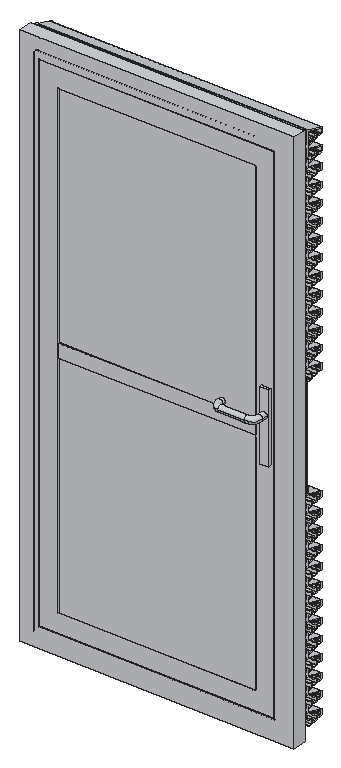
Revit family "NLRS_31_DO_WB_HS50R enkele deur-AV_jazo_jazo", category Doors, host Wall, Revit 2020 (continued)
Definition of nested family "NLRS_31_GM_UN_HS50R start schoep-AV"
  Automatic sketch dimensions
    Extrusion 1 sketch curve to Extrusion 1 sketch curve = 0.687 mm
    Extrusion 1 sketch curve to Extrusion 1 sketch curve = 0.02 mm
    Extrusion 1 sketch curve to Extrusion 1 sketch curve = 1.412 mm
    Extrusion 1 sketch curve to Extrusion 1 sketch curve = 0.966 mm
    Extrusion 1 sketch curve to Extrusion 1 sketch curve = 1.805 mm
    Extrusion 1 sketch curve to Extrusion 1 sketch curve = 0.898 mm
    Extrusion 1 sketch curve to Extrusion 1 sketch curve = 3.198 mm
    Extrusion 1 sketch curve to Extrusion 1 sketch curve = 1.8 mm  (x2)
    Extrusion 1 sketch curve to Extrusion 1 sketch curve = 0.445 mm
    Extrusion 1 sketch curve to plane 8 "Top" = 0.728 mm
    Extrusion 1 sketch curve to plane 8 "Top" = 0.619 mm
    Extrusion 1 sketch curve to Extrusion 1 sketch curve = 0.562 mm
    Extrusion 1 sketch curve to plane 8 "Top" = 18.998 mm
    Extrusion 1 sketch curve to Extrusion 1 sketch curve = 0.385 mm  (x2)
    Extrusion 1 sketch curve to Extrusion 1 sketch curve = 13.399 mm
    Extrusion 1 sketch curve to Extrusion 1 sketch curve = 1.458 mm  (x3)
    Extrusion 1 sketch curve to Extrusion 1 sketch curve = 0.574 mm  (x2)
    Extrusion 1 sketch curve to Extrusion 1 sketch curve = 0.242 mm  (x2)
    Extrusion 1 sketch curve to Extrusion 1 sketch curve = 2.676 mm  (x2)
    Extrusion 1 sketch curve to Extrusion 1 sketch curve = 1.151 mm  (x5)
    Extrusion 1 sketch curve to Extrusion 1 sketch curve = 1.602 mm
    Extrusion 1 sketch curve to Extrusion 1 sketch curve = 0.384 mm  (x4)
    Extrusion 1 sketch curve to Extrusion 1 sketch curve = 3.727 mm
    Extrusion 1 sketch curve to Extrusion 1 sketch curve = 1.968 mm  (x3)
    Extrusion 1 sketch curve to Extrusion 1 sketch curve = 0.091 mm  (x3)
    Extrusion 1 sketch curve to Extrusion 1 sketch curve = 1.014 mm  (x3)
    Extrusion 1 sketch curve to Extrusion 1 sketch curve = 0.52 mm  (x3)
    Extrusion 1 sketch curve to Extrusion 1 sketch curve = 0.292 mm
    Extrusion 1 sketch curve to Extrusion 1 sketch curve = 7.773 mm  (x2)
    Extrusion 1 sketch curve to Extrusion 1 sketch curve = 3.248 mm
    Extrusion 1 sketch curve to Extrusion 1 sketch curve = 1.76 mm
    Extrusion 1 sketch curve to Extrusion 1 sketch curve = 0.49 mm
    Extrusion 1 sketch curve to Extrusion 1 sketch curve = 6.368 mm
    Extrusion 1 sketch curve to Extrusion 1 sketch curve = 7.648 mm
    Extrusion 1 sketch curve to Extrusion 1 sketch curve = 0.432 mm  (x2)
    Extrusion 1 sketch curve to Extrusion 1 sketch curve = 3.655 mm
    Extrusion 1 sketch curve to Extrusion 1 sketch curve = 1.96 mm
    Extrusion 1 sketch curve to Extrusion 1 sketch curve = 0.083 mm
    Extrusion 1 sketch curve to Extrusion 1 sketch curve = 0.551 mm
    Extrusion 1 sketch curve to Extrusion 1 sketch curve = 3.2 mm
    Extrusion 1 sketch curve to Extrusion 1 sketch curve = 5.653 mm
    Extrusion 1 sketch curve to Extrusion 1 sketch curve = 1.554 mm
    Extrusion 1 sketch curve to Extrusion 1 sketch curve = 19.412 mm
    Extrusion 1 sketch curve to Extrusion 1 sketch curve = 21.809 mm
    Extrusion 1 sketch curve to Extrusion 1 sketch curve = 1.709 mm
    Extrusion 1 sketch curve to Extrusion 1 sketch curve = 0.552 mm
    Extrusion 1 sketch curve to Extrusion 1 sketch curve = 18.459 mm
    Extrusion 1 sketch curve to Extrusion 1 sketch curve = 1.128 mm
    Extrusion 1 sketch curve to Extrusion 1 sketch curve = 6.398 mm
    Extrusion 1 sketch curve to Extrusion 1 sketch curve = 3.722 mm
    Extrusion 1 sketch curve to Extrusion 1 sketch curve = 6.946 mm
    Extrusion 1 sketch curve to Extrusion 1 sketch curve = 0.603 mm
    Extrusion 1 sketch curve to Extrusion 1 sketch curve = 1.34 mm
    Extrusion 1 sketch curve to Extrusion 1 sketch curve = 1.853 mm
    Extrusion 1 sketch curve to Extrusion 1 sketch curve = 1.218 mm
    Extrusion 1 sketch curve to Extrusion 1 sketch curve = 0.261 mm
    level to Extrusion 1 sketch curve = 2.831 mm
    Extrusion 1 sketch curve to Extrusion 1 sketch curve = 0.001 mm
Definition of nested family "NLRS_31_GM_UN_HS50R scharnier schoep-AV"
  Parameters (values of type "HS50R scharnier schoep")
    URL = "www.jazo.com"
    NLRS_C_zichtbaar_01 = yes
    NLRS_C_stelruimte_01 = 4 mm  # constant formula
    NLRS_C_materiaal = none
    NLRS_C_breedte_01 = 40 mm  # constant formula
    NLRS_C_breedte [instance] = 1000 mm
    Model = ""
    Manufacturer = "JAZO Zevenaar bv"
    Description = "HS50R scharnier schoep"
    Default Elevation = 0 mm
    Assembly Code = "23.30.60.11.17.11"
  Reference planes
    plane 1 "Center (Front/Back)": y = 0
    plane 2 "Bottom": z = 0
    plane 3 "Center (Left/Right)": x = 0
    plane 4 "Left": x = -500
    plane 5 "Right": x = 500
    plane 6 "schoep l": x = -496
    plane 7 "schoep r": x = 496
    plane 8 "scharnier": x = -456
    plane 9 "Top": z = 73.972
    plane 10 "voorkant schoep": y = 35.75
    plane 11 "achterkant schoep": y = -35.75
    plane 12 "voorkant kozijn": y = -46.75
  Forms (mm)
    Extrusion 1, solid, material <- "NLRS_C_materiaal", visible <- "NLRS_C_zichtbaar_01"
      sketch origin (0, -13.25, 0) x (0, -1, 0) y (0, 0, -1)
        loop
          arc (-5.059, -2.209) -> (-5.593, -2.566) -> (-5.8, -3.175) r 1
          line (-5.8, -3.175) -> (-5.8, -18.692)
          arc (-5.8, -18.692) -> (-5.996, -19.089) -> (-6.429, -19.175) r 0.5
          line (-6.429, -19.175) -> (-11.46, -17.827)
          arc (-11.46, -17.827) -> (-12.563, -18.464) -> (-11.926, -19.566) r 0.9
          line (-11.926, -19.566) -> (3.071, -23.584)
          arc (3.071, -23.584) -> (4.173, -22.948) -> (3.537, -21.846) r 0.9
          line (3.537, -21.846) -> (-4, -19.826) -> (-4, -3.789) -> (3.537, -1.769)
          arc (3.537, -1.769) -> (4.173, -0.667) -> (3.071, -0.031) r 0.9
          line (3.071, -0.031) -> (-5.059, -2.209)
        loop
          arc (-26.659, -7.977) -> (-27.193, -8.334) -> (-27.4, -8.943) r 1
          line (-27.4, -8.943) -> (-27.4, -24.461)
          arc (-27.4, -24.461) -> (-27.596, -24.857) -> (-28.029, -24.944) r 0.5
          line (-28.029, -24.944) -> (-33.06, -23.596)
          arc (-33.06, -23.596) -> (-34.163, -24.232) -> (-33.526, -25.334) r 0.9
          line (-33.526, -25.334) -> (-18.529, -29.353)
          arc (-18.529, -29.353) -> (-17.427, -28.716) -> (-18.063, -27.614) r 0.9
          line (-18.063, -27.614) -> (-25.6, -25.595) -> (-25.6, -9.557) -> (-18.063, -7.538)
          arc (-18.063, -7.538) -> (-17.427, -6.435) -> (-18.529, -5.799) r 0.9
          line (-18.529, -5.799) -> (-26.659, -7.977)
        loop
          arc (-48.259, -13.784) -> (-48.793, -14.142) -> (-49, -14.75) r 1
          line (-49, -14.75) -> (-49, -33.216)
          arc (-49, -33.216) -> (-48.793, -33.824) -> (-48.259, -34.182) r 1
          line (-48.259, -34.182) -> (15.7, -51.319) -> (15.7, -71.278)
          arc (15.7, -71.278) -> (15.504, -71.674) -> (15.071, -71.761) r 0.5
          line (15.071, -71.761) -> (9.829, -70.356)
          arc (9.829, -70.356) -> (8.727, -70.993) -> (9.363, -72.095) r 0.9
          line (9.363, -72.095) -> (16.241, -73.938)
          arc (16.241, -73.938) -> (17.109, -73.765) -> (17.5, -72.972) r 1
          line (17.5, -72.972) -> (17.5, -61.968) -> (22.5, -61.968) -> (22.5, -56.968) -> (20.7, -56.968) -> (20.7, -60.168) -> (17.5, -60.168) -> (17.5, -48.664)
          arc (17.5, -48.664) -> (16.597, -47.969) -> (15.695, -48.664) r 0.933
          line (15.695, -48.664) -> (15.695, -49.454) -> (-47.2, -32.602) -> (-47.2, -24.883) -> (-45.2, -24.883)
          arc (-45.2, -24.883) -> (-44.3, -23.983) -> (-45.2, -23.083) r 0.9
          line (-45.2, -23.083) -> (-47.2, -23.083) -> (-47.2, -15.364) -> (-39.663, -13.345)
          arc (-39.663, -13.345) -> (-39.027, -12.242) -> (-40.129, -11.606) r 0.9
          line (-40.129, -11.606) -> (-48.259, -13.784)
      from -456 to 496
  Dimensions and locks
    equal spacing: plane 4 "Left", plane 3 "Center (Left/Right)", plane 5 "Right"
    "NLRS_C_breedte": plane 4 "Left" to plane 5 "Right"
    "NLRS_C_breedte_01": plane 6 "schoep l" to plane 8 "scharnier"
    "NLRS_C_stelruimte_01": plane 4 "Left" to plane 6 "schoep l"
    "NLRS_C_stelruimte_01": plane 7 "schoep r" to plane 5 "Right"
    locked: plane 11 "achterkant schoep" to plane 12 "voorkant kozijn" at 11
    aligned and locked: level to plane 2 "Bottom"
    aligned and locked: plane 7 "schoep r" to Extrusion 1
    aligned and locked: Extrusion 1 to plane 8 "scharnier"
  Automatic sketch dimensions
    Extrusion 1 sketch curve to plane 1 "Center (Front/Back)" = 35.75 mm
    Extrusion 1 sketch curve to Extrusion 1 sketch curve = 0.741 mm  (x4)
    Extrusion 1 sketch curve to Extrusion 1 sketch curve = 0.259 mm  (x2)
    Extrusion 1 sketch curve to Extrusion 1 sketch curve = 1 mm  (x3)
    Extrusion 1 sketch curve to Extrusion 1 sketch curve = 0.8 mm  (x2)
    Extrusion 1 sketch curve to Extrusion 1 sketch curve = 2 mm
    Extrusion 1 sketch curve to Extrusion 1 sketch curve = 7.071 mm  (x3)
    Extrusion 1 sketch curve to Extrusion 1 sketch curve = 0.233 mm  (x16)
    Extrusion 1 sketch curve to Extrusion 1 sketch curve = 11.674 mm
    Extrusion 1 sketch curve to Extrusion 1 sketch curve = 5.031 mm  (x2)
    Extrusion 1 sketch curve to Extrusion 1 sketch curve = 0.129 mm  (x3)
    Extrusion 1 sketch curve to Extrusion 1 sketch curve = 0.5 mm  (x3)
    Extrusion 1 sketch curve to Extrusion 1 sketch curve = 1.8 mm  (x5)
    Extrusion 1 sketch curve to plane 1 "Center (Front/Back)" = 5.279 mm  (x2)
    plane 1 "Center (Front/Back)" to Extrusion 1 sketch curve = 1.324 mm
    plane 1 "Center (Front/Back)" to Extrusion 1 sketch curve = 22.613 mm
    Extrusion 1 sketch curve to Extrusion 1 sketch curve = 5.241 mm
    Extrusion 1 sketch curve to Extrusion 1 sketch curve = 5.866 mm
    Extrusion 1 sketch curve to Extrusion 1 sketch curve = 1.171 mm
    Extrusion 1 sketch curve to Extrusion 1 sketch curve = 0.902 mm  (x2)
    Extrusion 1 sketch curve to Extrusion 1 sketch curve = 3.2 mm  (x2)
    Extrusion 1 sketch curve to Extrusion 1 sketch curve = 1.865 mm
    Extrusion 1 sketch curve to Extrusion 1 sketch curve = 5.649 mm
    Extrusion 1 sketch curve to Extrusion 1 sketch curve = 8.388 mm
    Extrusion 1 sketch curve to Extrusion 1 sketch curve = 0.869 mm  (x8)
    Extrusion 1 sketch curve to Extrusion 1 sketch curve = 0.921 mm
    Extrusion 1 sketch curve to Extrusion 1 sketch curve = 1.211 mm
    Extrusion 1 sketch curve to Extrusion 1 sketch curve = 0.553 mm
    Extrusion 1 sketch curve to Extrusion 1 sketch curve = 0.79 mm
    Extrusion 1 sketch curve to Extrusion 1 sketch curve = 2.019 mm  (x5)
    Extrusion 1 sketch curve to Extrusion 1 sketch curve = 0.26 mm  (x2)
    Extrusion 1 sketch curve to Extrusion 1 sketch curve = 0.651 mm  (x2)
    Extrusion 1 sketch curve to Extrusion 1 sketch curve = 7.719 mm  (x2)
    Extrusion 1 sketch curve to Extrusion 1 sketch curve = 0.9 mm
    Extrusion 1 sketch curve to Extrusion 1 sketch curve = 0.614 mm  (x4)
    Extrusion 1 sketch curve to Extrusion 1 sketch curve = 3.788 mm
    Extrusion 1 sketch curve to Extrusion 1 sketch curve = 3.749 mm
    level to Extrusion 1 sketch curve = 73.938 mm
    level to Extrusion 1 sketch curve = 34.182 mm
    Extrusion 1 sketch curve to Extrusion 1 sketch curve = 19.796 mm  (x2)
Definition of nested family "NLRS_31_GM_UN_HS50R schoep-AV"
  Parameters (values of type "HS50R schoep")
    URL = "www.jazo.com"
    NLRS_C_zichtbaar_01 = yes
    NLRS_C_stelruimte_01 = 4 mm  # constant formula
    NLRS_C_materiaal = none
    NLRS_C_breedte [instance] = 1000 mm
    Model = ""
    Manufacturer = "JAZO Zevenaar bv"
    Description = "HS50R schoep"
    Default Elevation = 0 mm
    Assembly Code = "23.30.60.11.17.11"
  Reference planes
    plane 1 "Center (Front/Back)": y = 0
    plane 2 "Bottom": z = 0
    plane 3 "Center (Left/Right)": x = 0
    plane 4 "Left": x = -500
    plane 5 "Right": x = 500
    plane 6 "schoep l": x = -496
    plane 7 "schoep r": x = 496
    plane 8 "Top": z = 73.938
    plane 9 "voorkant schoep": y = 35.75
    plane 10 "achterkant schoep": y = -35.75
    plane 11 "voorkant kozijn": y = -46.75
  Forms (mm)
    Extrusion 1, solid, material <- "NLRS_C_materiaal", visible <- "NLRS_C_zichtbaar_01"
      sketch origin (0, -15, 0) x (0, -1, 0) y (0, 0, -1)
        loop
          arc (-6.809, -2.209) -> (-7.343, -2.566) -> (-7.55, -3.175) r 1
          line (-7.55, -3.175) -> (-7.55, -18.692)
          arc (-7.55, -18.692) -> (-7.746, -19.089) -> (-8.179, -19.175) r 0.5
          line (-8.179, -19.175) -> (-13.21, -17.827)
          arc (-13.21, -17.827) -> (-14.313, -18.464) -> (-13.676, -19.566) r 0.9
          line (-13.676, -19.566) -> (1.321, -23.584)
          arc (1.321, -23.584) -> (2.423, -22.948) -> (1.787, -21.846) r 0.9
          line (1.787, -21.846) -> (-5.75, -19.826) -> (-5.75, -3.789) -> (1.787, -1.769)
          arc (1.787, -1.769) -> (2.423, -0.667) -> (1.321, -0.031) r 0.9
          line (1.321, -0.031) -> (-6.809, -2.209)
        loop
          arc (-28.409, -7.977) -> (-28.943, -8.334) -> (-29.15, -8.943) r 1
          line (-29.15, -8.943) -> (-29.15, -24.461)
          arc (-29.15, -24.461) -> (-29.346, -24.857) -> (-29.779, -24.944) r 0.5
          line (-29.779, -24.944) -> (-34.81, -23.596)
          arc (-34.81, -23.596) -> (-35.913, -24.232) -> (-35.276, -25.334) r 0.9
          line (-35.276, -25.334) -> (-20.279, -29.353)
          arc (-20.279, -29.353) -> (-19.177, -28.716) -> (-19.813, -27.614) r 0.9
          line (-19.813, -27.614) -> (-27.35, -25.595) -> (-27.35, -9.557) -> (-19.813, -7.538)
          arc (-19.813, -7.538) -> (-19.177, -6.435) -> (-20.279, -5.799) r 0.9
          line (-20.279, -5.799) -> (-28.409, -7.977)
        loop
          arc (-50.009, -13.784) -> (-50.543, -14.142) -> (-50.75, -14.75) r 1
          line (-50.75, -14.75) -> (-50.75, -33.216)
          arc (-50.75, -33.216) -> (-50.543, -33.824) -> (-50.009, -34.182) r 1
          line (-50.009, -34.182) -> (13.95, -51.319) -> (13.95, -71.278)
          arc (13.95, -71.278) -> (13.754, -71.674) -> (13.321, -71.761) r 0.5
          line (13.321, -71.761) -> (8.079, -70.356)
          arc (8.079, -70.356) -> (6.977, -70.993) -> (7.613, -72.095) r 0.9
          line (7.613, -72.095) -> (14.491, -73.938)
          arc (14.491, -73.938) -> (15.359, -73.765) -> (15.75, -72.972) r 1
          line (15.75, -72.972) -> (15.75, -61.968) -> (20.75, -61.968) -> (20.75, -56.968) -> (18.95, -56.968) -> (18.95, -60.168) -> (15.75, -60.168) -> (15.75, -48.664)
          arc (15.75, -48.664) -> (14.847, -47.969) -> (13.945, -48.664) r 0.933
          line (13.945, -48.664) -> (13.945, -49.454) -> (-48.95, -32.602) -> (-48.95, -24.883) -> (-46.95, -24.883)
          arc (-46.95, -24.883) -> (-46.05, -23.983) -> (-46.95, -23.083) r 0.9
          line (-46.95, -23.083) -> (-48.95, -23.083) -> (-48.95, -15.364) -> (-41.413, -13.345)
          arc (-41.413, -13.345) -> (-40.777, -12.242) -> (-41.879, -11.606) r 0.9
          line (-41.879, -11.606) -> (-50.009, -13.784)
      from -496 to 496
  Dimensions and locks
    equal spacing: plane 4 "Left", plane 3 "Center (Left/Right)", plane 5 "Right"
    "NLRS_C_breedte": plane 4 "Left" to plane 5 "Right"
    "NLRS_C_stelruimte_01": plane 7 "schoep r" to plane 5 "Right"
    "NLRS_C_stelruimte_01": plane 4 "Left" to plane 6 "schoep l"
    locked: plane 10 "achterkant schoep" to plane 11 "voorkant kozijn" at 11
    aligned and locked: level to plane 2 "Bottom"
    aligned and locked: plane 7 "schoep r" to Extrusion 1
    aligned and locked: Extrusion 1 to plane 6 "schoep l"
  Automatic sketch dimensions
    Extrusion 1 sketch curve to plane 8 "Top" = 0 mm
    Extrusion 1 sketch curve to plane 1 "Center (Front/Back)" = 35.75 mm
    Extrusion 1 sketch curve to Extrusion 1 sketch curve = 0.741 mm  (x4)
    level to Extrusion 1 sketch curve = 13.784 mm
    Extrusion 1 sketch curve to Extrusion 1 sketch curve = 1 mm  (x3)
    Extrusion 1 sketch curve to Extrusion 1 sketch curve = 0.8 mm  (x2)
    Extrusion 1 sketch curve to Extrusion 1 sketch curve = 2 mm
    level to Extrusion 1 sketch curve = 11.606 mm
    Extrusion 1 sketch curve to Extrusion 1 sketch curve = 7.071 mm  (x3)
    Extrusion 1 sketch curve to Extrusion 1 sketch curve = 0.233 mm  (x16)
    Extrusion 1 sketch curve to Extrusion 1 sketch curve = 11.674 mm
    Extrusion 1 sketch curve to Extrusion 1 sketch curve = 5.031 mm  (x2)
    Extrusion 1 sketch curve to Extrusion 1 sketch curve = 0.129 mm  (x3)
    Extrusion 1 sketch curve to Extrusion 1 sketch curve = 0.5 mm  (x3)
    level to Extrusion 1 sketch curve = 7.977 mm
    Extrusion 1 sketch curve to Extrusion 1 sketch curve = 1.8 mm  (x5)
    Extrusion 1 sketch curve to plane 1 "Center (Front/Back)" = 5.279 mm  (x2)
    plane 1 "Center (Front/Back)" to Extrusion 1 sketch curve = 1.324 mm
    level to Extrusion 1 sketch curve = 2.209 mm
    Extrusion 1 sketch curve to Extrusion 1 sketch curve = 0.259 mm  (x2)
    level to Extrusion 1 sketch curve = 0.031 mm
    level to Extrusion 1 sketch curve = 1.769 mm
    Extrusion 1 sketch curve to plane 8 "Top" = 1.843 mm
    plane 1 "Center (Front/Back)" to Extrusion 1 sketch curve = 22.613 mm
    Extrusion 1 sketch curve to plane 8 "Top" = 3.582 mm
    Extrusion 1 sketch curve to plane 8 "Top" = 2.177 mm
    Extrusion 1 sketch curve to Extrusion 1 sketch curve = 5.241 mm
    Extrusion 1 sketch curve to Extrusion 1 sketch curve = 5.866 mm
    Extrusion 1 sketch curve to Extrusion 1 sketch curve = 1.171 mm
    Extrusion 1 sketch curve to Extrusion 1 sketch curve = 0.902 mm  (x2)
    Extrusion 1 sketch curve to Extrusion 1 sketch curve = 3.2 mm  (x2)
    Extrusion 1 sketch curve to Extrusion 1 sketch curve = 9.31 mm
    Extrusion 1 sketch curve to Extrusion 1 sketch curve = 5.649 mm
    Extrusion 1 sketch curve to Extrusion 1 sketch curve = 1.865 mm
    Extrusion 1 sketch curve to Extrusion 1 sketch curve = 0.553 mm
    Extrusion 1 sketch curve to Extrusion 1 sketch curve = 0.79 mm
    Extrusion 1 sketch curve to Extrusion 1 sketch curve = 19.431 mm
    Extrusion 1 sketch curve to Extrusion 1 sketch curve = 0.614 mm  (x4)
    Extrusion 1 sketch curve to Extrusion 1 sketch curve = 20.41 mm
    Extrusion 1 sketch curve to Extrusion 1 sketch curve = 0.869 mm  (x5)
    Extrusion 1 sketch curve to Extrusion 1 sketch curve = 2.019 mm  (x2)
    Extrusion 1 sketch curve to Extrusion 1 sketch curve = 0.26 mm  (x2)
    Extrusion 1 sketch curve to Extrusion 1 sketch curve = 0.651 mm  (x2)
    Extrusion 1 sketch curve to Extrusion 1 sketch curve = 7.719 mm
    Extrusion 1 sketch curve to Extrusion 1 sketch curve = 0.9 mm
    Extrusion 1 sketch curve to Extrusion 1 sketch curve = 4.03 mm
    Extrusion 1 sketch curve to Extrusion 1 sketch curve = 1.739 mm
    level to Extrusion 1 sketch curve = 7.538 mm
Definition of nested family "NLRS_31_GM_UN_HS50R beslag schoep-AV"
  Parameters (values of type "HS50R beslag schoep")
    URL = "www.jazo.com"
    NLRS_C_zichtbaar_01 = yes
    NLRS_C_stelruimte_01 = 4 mm  # constant formula
    NLRS_C_materiaal = none
    NLRS_C_breedte_01 = 275 mm  # constant formula
    NLRS_C_breedte [instance] = 1000 mm
    Model = ""
    Manufacturer = "JAZO Zevenaar bv"
    Description = "HS50R beslag schoep"
    Default Elevation = 0 mm
    Assembly Code = "23.30.60.11.17.11"
  Reference planes
    plane 1 "Center (Front/Back)": y = 0
    plane 2 "Bottom": z = 0
    plane 3 "Center (Left/Right)": x = 0
    plane 4 "Left": x = -500
    plane 5 "Right": x = 500
    plane 6 "schoep l": x = -496
    plane 7 "schoep r": x = 496
    plane 8 "beslag": x = 221
    plane 9 "Top": z = 73.972
    plane 10 "voorkant schoep": y = 35.75
    plane 11 "achterkant schoep": y = -35.75
    plane 12 "voorkant kozijn": y = -46.75
  Forms (mm)
    Extrusion 1, solid, material <- "NLRS_C_materiaal", visible <- "NLRS_C_zichtbaar_01"
      sketch origin (0, -15, 0) x (0, -1, 0) y (0, 0, -1)
        loop
          arc (-6.809, -2.209) -> (-7.343, -2.566) -> (-7.55, -3.175) r 1
          line (-7.55, -3.175) -> (-7.55, -18.692)
          arc (-7.55, -18.692) -> (-7.746, -19.089) -> (-8.179, -19.175) r 0.5
          line (-8.179, -19.175) -> (-13.21, -17.827)
          arc (-13.21, -17.827) -> (-14.313, -18.464) -> (-13.676, -19.566) r 0.9
          line (-13.676, -19.566) -> (1.321, -23.584)
          arc (1.321, -23.584) -> (2.423, -22.948) -> (1.787, -21.846) r 0.9
          line (1.787, -21.846) -> (-5.75, -19.826) -> (-5.75, -3.789) -> (1.787, -1.769)
          arc (1.787, -1.769) -> (2.423, -0.667) -> (1.321, -0.031) r 0.9
          line (1.321, -0.031) -> (-6.809, -2.209)
        loop
          arc (-28.409, -7.977) -> (-28.943, -8.334) -> (-29.15, -8.943) r 1
          line (-29.15, -8.943) -> (-29.15, -24.461)
          arc (-29.15, -24.461) -> (-29.346, -24.857) -> (-29.779, -24.944) r 0.5
          line (-29.779, -24.944) -> (-34.81, -23.596)
          arc (-34.81, -23.596) -> (-35.913, -24.232) -> (-35.276, -25.334) r 0.9
          line (-35.276, -25.334) -> (-20.279, -29.353)
          arc (-20.279, -29.353) -> (-19.177, -28.716) -> (-19.813, -27.614) r 0.9
          line (-19.813, -27.614) -> (-27.35, -25.595) -> (-27.35, -9.557) -> (-19.813, -7.538)
          arc (-19.813, -7.538) -> (-19.177, -6.435) -> (-20.279, -5.799) r 0.9
          line (-20.279, -5.799) -> (-28.409, -7.977)
        loop
          arc (-50.009, -13.784) -> (-50.543, -14.142) -> (-50.75, -14.75) r 1
          line (-50.75, -14.75) -> (-50.75, -33.216)
          arc (-50.75, -33.216) -> (-50.543, -33.824) -> (-50.009, -34.182) r 1
          line (-50.009, -34.182) -> (13.95, -51.319) -> (13.95, -71.278)
          arc (13.95, -71.278) -> (13.754, -71.674) -> (13.321, -71.761) r 0.5
          line (13.321, -71.761) -> (8.079, -70.356)
          arc (8.079, -70.356) -> (6.977, -70.993) -> (7.613, -72.095) r 0.9
          line (7.613, -72.095) -> (14.491, -73.938)
          arc (14.491, -73.938) -> (15.359, -73.765) -> (15.75, -72.972) r 1
          line (15.75, -72.972) -> (15.75, -61.968) -> (20.75, -61.968) -> (20.75, -56.968) -> (18.95, -56.968) -> (18.95, -60.168) -> (15.75, -60.168) -> (15.75, -48.664)
          arc (15.75, -48.664) -> (14.847, -47.969) -> (13.945, -48.664) r 0.933
          line (13.945, -48.664) -> (13.945, -49.454) -> (-48.95, -32.602) -> (-48.95, -24.883) -> (-46.95, -24.883)
          arc (-46.95, -24.883) -> (-46.05, -23.983) -> (-46.95, -23.083) r 0.9
          line (-46.95, -23.083) -> (-48.95, -23.083) -> (-48.95, -15.364) -> (-41.413, -13.345)
          arc (-41.413, -13.345) -> (-40.777, -12.242) -> (-41.879, -11.606) r 0.9
          line (-41.879, -11.606) -> (-50.009, -13.784)
      from -496 to 221
  Dimensions and locks
    equal spacing: plane 4 "Left", plane 3 "Center (Left/Right)", plane 5 "Right"
    "NLRS_C_breedte": plane 4 "Left" to plane 5 "Right"
    "NLRS_C_breedte_01": plane 8 "beslag" to plane 7 "schoep r"
    "NLRS_C_stelruimte_01": plane 7 "schoep r" to plane 5 "Right"
    "NLRS_C_stelruimte_01": plane 4 "Left" to plane 6 "schoep l"
    locked: plane 11 "achterkant schoep" to plane 12 "voorkant kozijn" at 11
    aligned and locked: level to plane 2 "Bottom"
    aligned and locked: plane 8 "beslag" to Extrusion 1
    aligned and locked: Extrusion 1 to plane 6 "schoep l"
  Automatic sketch dimensions
    Extrusion 1 sketch curve to plane 1 "Center (Front/Back)" = 35.75 mm
    Extrusion 1 sketch curve to Extrusion 1 sketch curve = 0.741 mm  (x4)
    Extrusion 1 sketch curve to Extrusion 1 sketch curve = 0.259 mm  (x2)
    Extrusion 1 sketch curve to Extrusion 1 sketch curve = 0.8 mm  (x2)
    Extrusion 1 sketch curve to Extrusion 1 sketch curve = 2 mm
    Extrusion 1 sketch curve to Extrusion 1 sketch curve = 7.071 mm  (x5)
    Extrusion 1 sketch curve to Extrusion 1 sketch curve = 0.233 mm  (x16)
    Extrusion 1 sketch curve to Extrusion 1 sketch curve = 11.674 mm
    Extrusion 1 sketch curve to Extrusion 1 sketch curve = 5.031 mm  (x2)
    Extrusion 1 sketch curve to Extrusion 1 sketch curve = 0.129 mm  (x3)
    Extrusion 1 sketch curve to Extrusion 1 sketch curve = 0.5 mm  (x3)
    Extrusion 1 sketch curve to Extrusion 1 sketch curve = 1 mm  (x3)
    Extrusion 1 sketch curve to Extrusion 1 sketch curve = 1.8 mm  (x5)
    Extrusion 1 sketch curve to Extrusion 1 sketch curve = 6.137 mm
    Extrusion 1 sketch curve to Extrusion 1 sketch curve = 6.293 mm
    Extrusion 1 sketch curve to Extrusion 1 sketch curve = 5.241 mm
    Extrusion 1 sketch curve to Extrusion 1 sketch curve = 5.866 mm
    Extrusion 1 sketch curve to Extrusion 1 sketch curve = 1.171 mm
    Extrusion 1 sketch curve to Extrusion 1 sketch curve = 0.902 mm  (x2)
    Extrusion 1 sketch curve to Extrusion 1 sketch curve = 3.2 mm  (x2)
    Extrusion 1 sketch curve to Extrusion 1 sketch curve = 0.614 mm  (x4)
    Extrusion 1 sketch curve to Extrusion 1 sketch curve = 26.818 mm
    Extrusion 1 sketch curve to Extrusion 1 sketch curve = 0.001 mm
    Extrusion 1 sketch curve to Extrusion 1 sketch curve = 0.79 mm
    Extrusion 1 sketch curve to Extrusion 1 sketch curve = 1.865 mm
    Extrusion 1 sketch curve to Extrusion 1 sketch curve = 5.649 mm
    Extrusion 1 sketch curve to Extrusion 1 sketch curve = 8.388 mm
    Extrusion 1 sketch curve to Extrusion 1 sketch curve = 0.869 mm  (x4)
    Extrusion 1 sketch curve to Extrusion 1 sketch curve = 0.921 mm
    Extrusion 1 sketch curve to Extrusion 1 sketch curve = 1.211 mm
    Extrusion 1 sketch curve to Extrusion 1 sketch curve = 1.739 mm  (x3)
    Extrusion 1 sketch curve to Extrusion 1 sketch curve = 1.134 mm
    Extrusion 1 sketch curve to Extrusion 1 sketch curve = 7.719 mm  (x2)
    Extrusion 1 sketch curve to Extrusion 1 sketch curve = 0.9 mm
    Extrusion 1 sketch curve to Extrusion 1 sketch curve = 1.999 mm
    Extrusion 1 sketch curve to Extrusion 1 sketch curve = 0.651 mm
    level to Extrusion 1 sketch curve = 73.938 mm
    level to Extrusion 1 sketch curve = 34.182 mm
    Extrusion 1 sketch curve to Extrusion 1 sketch curve = 5.768 mm
    Extrusion 1 sketch curve to Extrusion 1 sketch curve = 2.019 mm  (x3)
    Extrusion 1 sketch curve to Extrusion 1 sketch curve = 0.391 mm
    level to Extrusion 1 sketch curve = 9.557 mm
    level to Extrusion 1 sketch curve = 7.538 mm
    level to Extrusion 1 sketch curve = 3.789 mm
    level to Extrusion 1 sketch curve = 1.769 mm
    level to Extrusion 1 sketch curve = 0.9 mm
Definition of nested family "NLRS_31_GM_UN_beslagbak HS50R-AV"
  Parameters (values of type "beslagbak HS50R")
    URL = "www.jazo.com"
    NLRS_C_diepte_01 = 50 mm
    NLRS_C_afstand = if(JAZO_C_enkele deur, 95 mm, if(JAZO_C_dubbele deur, 56 mm, 56 mm))  # 95 mm
    Model = ""
    Manufacturer = "JAZO Zevenaar bv"
    JAZO_C_opbouwrooster HS50R = yes
    JAZO_C_materiaal schoep = none
    JAZO_C_materiaal beslag = none
    JAZO_C_enkele deur = yes
    JAZO_C_dubbele deur = no
    Description = "beslagbak HS50R"
    Default Elevation = 0 mm
    Assembly Code = "23.30.40.31"
  Reference planes
    plane 1 "Center (Front/Back)": y = 0
    plane 2 "Bottom": z = 0
    plane 3 "Center (Left/Right)": x = 0
    plane 4 "Tussen": x = -179.999
    plane 5 "Right": x = 95
    plane 6 "Left": x = -240
    plane 7 "center hs50r": z = 310
    plane 8 "knop-kruk": x = 0
    plane 9 "stelruimte belsagbak": x = 99
    plane 10 "voorkant kozijn": y = -11
  Dimensions and locks
    plane 4 "Tussen" to plane 3 "Center (Left/Right)" = 179.999 mm
    plane 3 "Center (Left/Right)" to plane 5 "Right" = 95 mm
    plane 4 "Tussen" to plane 5 "Right" = 274.999 mm
    plane 6 "Left" to plane 4 "Tussen" = 60.001 mm
    "NLRS_C_afstand": plane 5 "Right" to plane 8 "knop-kruk"
    locked: plane 5 "Right" to plane 9 "stelruimte belsagbak" at 4
    locked: plane 10 "voorkant kozijn" to plane 1 "Center (Front/Back)" at 11
    aligned and locked: level to plane 2 "Bottom"
    aligned and locked: plane 1 "Center (Front/Back)" to nested 1
    aligned and locked: plane 7 "center hs50r" to nested 2
    aligned and locked: plane 8 "knop-kruk" to nested 2
  Nested families
    nested 1: "NLRS_31_GM_UN_beslagbak los HS50R-AV" at (0, 0, 0), visible <- "JAZO_C_opbouwrooster HS50R", type "beslagbak HS50R"
    nested 2: "NLRS_31_GM_UN_beslag opbouwrooster-AV" at (0, -11, 147), visible <- "JAZO_C_opbouwrooster HS50R", type "beslag opbouwrooster"
  Definition of nested family "NLRS_31_GM_UN_beslagbak los HS50R-AV"
    Parameters (values of type "beslagbak HS50R")
      URL = "www.jazo.com"
      NLRS_C_materiaal = none
      Model = ""
      Manufacturer = "Jazo Zevenaar bv"
      Description = "Beslagbak HS50R"
      Default Elevation = 0 mm
      Assembly Code = "23.30.40.31"
    Reference planes
      plane 1 "Center (Front/Back)": y = 0
      plane 2 "Bottom": z = 0
      plane 3 "Center (Left/Right)": x = 0
      plane 4 "Tussen": x = -180
      plane 5 "Right": x = 95
      plane 6 "Left": x = -240
      plane 7 "mid": x = -212
    Forms (mm)
      Extrusion 1, solid, material <- "NLRS_C_materiaal"
        sketch origin (0, 0, 67.049) x (0, 1, 0) y (0, 0, 1)
          loop
            line (1.8, 365.053) -> (1.8, -16.284) -> (69.7, -34.478) -> (69.7, -42.197) -> (67.7, -42.197)
            arc (67.7, -42.197) -> (66.8, -43.097) -> (67.7, -43.997) r 0.9
            line (67.7, -43.997) -> (69.7, -43.997) -> (69.7, -51.716) -> (62.163, -53.735)
            arc (62.163, -53.735) -> (61.527, -54.838) -> (62.629, -55.474) r 0.9
            line (62.629, -55.474) -> (70.759, -53.296)
            arc (70.759, -53.296) -> (71.293, -52.938) -> (71.5, -52.33) r 1
            line (71.5, -52.33) -> (71.5, -33.864)
            arc (71.5, -33.864) -> (71.293, -33.256) -> (70.759, -32.898) r 1
            line (70.759, -32.898) -> (4, -15.01) -> (4, 362.6) -> (12.671, 360.276)
            arc (12.671, 360.276) -> (13.773, 360.913) -> (13.137, 362.015) r 0.9
            line (13.137, 362.015) -> (1.8, 365.053)
          loop
            arc (27.559, -64.871) -> (28.093, -64.514) -> (28.3, -63.905) r 1
            line (28.3, -63.905) -> (28.3, -48.388)
            arc (28.3, -48.388) -> (28.496, -47.991) -> (28.929, -47.905) r 0.5
            line (28.929, -47.905) -> (33.96, -49.253)
            arc (33.96, -49.253) -> (35.063, -48.616) -> (34.426, -47.514) r 0.9
            line (34.426, -47.514) -> (19.429, -43.496)
            arc (19.429, -43.496) -> (18.327, -44.132) -> (18.963, -45.234) r 0.9
            line (18.963, -45.234) -> (26.5, -47.254) -> (26.5, -63.291) -> (18.963, -65.311)
            arc (18.963, -65.311) -> (18.327, -66.413) -> (19.429, -67.049) r 0.9
            line (19.429, -67.049) -> (27.559, -64.871)
          loop
            arc (49.159, -59.103) -> (49.693, -58.746) -> (49.9, -58.137) r 1
            line (49.9, -58.137) -> (49.9, -42.619)
            arc (49.9, -42.619) -> (50.096, -42.223) -> (50.529, -42.136) r 0.5
            line (50.529, -42.136) -> (55.56, -43.484)
            arc (55.56, -43.484) -> (56.663, -42.848) -> (56.026, -41.746) r 0.9
            line (56.026, -41.746) -> (41.029, -37.727)
            arc (41.029, -37.727) -> (39.927, -38.364) -> (40.563, -39.466) r 0.9
            line (40.563, -39.466) -> (48.1, -41.485) -> (48.1, -57.523) -> (40.563, -59.542)
            arc (40.563, -59.542) -> (39.927, -60.645) -> (41.029, -61.281) r 0.9
            line (41.029, -61.281) -> (49.159, -59.103)
        from 95 to -180
      Extrusion 2, solid, material <- "NLRS_C_materiaal"
        sketch origin (0, 1.8, 0) x (1, 0, 0) y (0, 1, 0)
          loop
            line (-240, 0) -> (-240, -9)
            arc (-240, -9) -> (-239.414, -10.414) -> (-238, -11) r 2
            line (-238, -11) -> (-212, -11)
            arc (-212, -11) -> (-210.586, -10.414) -> (-210, -9) r 2
            line (-210, -9) -> (-210, -2.014)
            arc (-210, -2.014) -> (-209.41, -0.59) -> (-207.986, 0) r 2.014
            line (-207.986, 0) -> (-180, 0) -> (-180, 2.2) -> (-207.786, 2.2)
            arc (-207.786, 2.2) -> (-210.766, 0.966) -> (-212, -2.014) r 4.214
            line (-212, -2.014) -> (-212, -9) -> (-238, -9) -> (-238, 0) -> (-240, 0)
        from 429.649 to 50.765
      Extrusion 3, solid, material <- "NLRS_C_materiaal"
        sketch origin (-333, -2, 67.049) x (0, 1, 0) y (0, 0, 1)
          loop
            line (71.2, 322.138) -> (9.332, 338.716)
            arc (9.332, 338.716) -> (7.701, 337.403) -> (6.5, 339.118) r 1.433
            line (6.5, 339.118) -> (6.5, 362.6) -> (3.8, 362.6) -> (3.8, -16.284) -> (6.5, -17.008) -> (6.5, 5.892)
            arc (6.5, 5.892) -> (7.087, 7.082) -> (8.388, 7.341) r 1.5
            line (8.388, 7.341) -> (15.266, 5.498)
            arc (15.266, 5.498) -> (15.894, 5.136) -> (16.256, 4.508) r 1.4
            line (16.256, 4.508) -> (16.256, -0.51) -> (28, -3.657) -> (28, 11.863) -> (20.834, 13.783)
            arc (20.834, 13.783) -> (19.844, 15.497) -> (21.559, 16.487) r 1.4
            line (21.559, 16.487) -> (36.556, 12.469)
            arc (36.556, 12.469) -> (37.546, 10.754) -> (35.831, 9.764) r 1.4
            line (35.831, 9.764) -> (30.8, 11.112) -> (30.8, 7.148) -> (49.6, 2.111) -> (49.6, 17.631) -> (42.434, 19.551)
            arc (42.434, 19.551) -> (41.444, 21.266) -> (43.159, 22.256) r 1.4
            line (43.159, 22.256) -> (58.156, 18.237)
            arc (58.156, 18.237) -> (59.146, 16.523) -> (57.431, 15.533) r 1.4
            line (57.431, 15.533) -> (52.4, 16.881) -> (52.4, 13.205) -> (71.2, 8.168) -> (71.2, 15.003) -> (69.7, 15.003)
            arc (69.7, 15.003) -> (68.3, 16.403) -> (69.7, 17.803) r 1.4
            line (69.7, 17.803) -> (71.2, 17.803) -> (71.2, 24.638) -> (9.332, 41.216)
            arc (9.332, 41.216) -> (7.701, 39.903) -> (6.5, 41.618) r 1.433
            line (6.5, 41.618) -> (6.5, 54.388) -> (6.5, 65.392)
            arc (6.5, 65.392) -> (7.087, 66.582) -> (8.388, 66.841) r 1.5
            line (8.388, 66.841) -> (15.266, 64.998)
            arc (15.266, 64.998) -> (15.894, 64.636) -> (16.256, 64.008) r 1.4
            line (16.256, 64.008) -> (16.256, 58.99) -> (28, 55.843) -> (28, 71.363) -> (20.834, 73.283)
            arc (20.834, 73.283) -> (19.844, 74.997) -> (21.559, 75.987) r 1.4
            line (21.559, 75.987) -> (36.556, 71.969)
            arc (36.556, 71.969) -> (37.546, 70.254) -> (35.831, 69.264) r 1.4
            line (35.831, 69.264) -> (30.8, 70.612) -> (30.8, 66.648) -> (49.6, 61.611) -> (49.6, 77.131) -> (42.434, 79.051)
            arc (42.434, 79.051) -> (41.444, 80.766) -> (43.159, 81.756) r 1.4
            line (43.159, 81.756) -> (58.156, 77.737)
            arc (58.156, 77.737) -> (59.146, 76.023) -> (57.431, 75.033) r 1.4
            line (57.431, 75.033) -> (52.4, 76.381) -> (52.4, 72.705) -> (71.2, 67.668) -> (71.2, 74.503) -> (69.7, 74.503)
            arc (69.7, 74.503) -> (68.3, 75.903) -> (69.7, 77.303) r 1.4
            line (69.7, 77.303) -> (71.2, 77.303) -> (71.2, 84.138) -> (9.332, 100.716)
            arc (9.332, 100.716) -> (7.701, 99.403) -> (6.5, 101.118) r 1.433
            line (6.5, 101.118) -> (6.5, 113.888) -> (6.5, 124.892)
            arc (6.5, 124.892) -> (7.087, 126.082) -> (8.388, 126.341) r 1.5
            line (8.388, 126.341) -> (15.266, 124.498)
            arc (15.266, 124.498) -> (15.894, 124.136) -> (16.256, 123.508) r 1.4
            line (16.256, 123.508) -> (16.256, 118.49) -> (28, 115.343) -> (28, 130.863) -> (20.834, 132.783)
            arc (20.834, 132.783) -> (19.844, 134.497) -> (21.559, 135.487) r 1.4
            line (21.559, 135.487) -> (36.556, 131.469)
            arc (36.556, 131.469) -> (37.546, 129.754) -> (35.831, 128.764) r 1.4
            line (35.831, 128.764) -> (30.8, 130.112) -> (30.8, 126.148) -> (49.6, 121.111) -> (49.6, 136.631) -> (42.434, 138.551)
            arc (42.434, 138.551) -> (41.444, 140.266) -> (43.159, 141.256) r 1.4
            line (43.159, 141.256) -> (58.156, 137.237)
            arc (58.156, 137.237) -> (59.146, 135.523) -> (57.431, 134.533) r 1.4
            line (57.431, 134.533) -> (52.4, 135.881) -> (52.4, 132.205) -> (71.2, 127.168) -> (71.2, 134.003) -> (69.7, 134.003)
            arc (69.7, 134.003) -> (68.3, 135.403) -> (69.7, 136.803) r 1.4
            line (69.7, 136.803) -> (71.2, 136.803) -> (71.2, 143.638) -> (9.332, 160.216)
            arc (9.332, 160.216) -> (7.701, 158.903) -> (6.5, 160.618) r 1.433
            line (6.5, 160.618) -> (6.5, 173.388) -> (6.5, 184.392)
            arc (6.5, 184.392) -> (7.087, 185.582) -> (8.388, 185.841) r 1.5
            line (8.388, 185.841) -> (15.266, 183.998)
            arc (15.266, 183.998) -> (15.894, 183.636) -> (16.256, 183.008) r 1.4
            line (16.256, 183.008) -> (16.256, 177.99) -> (28, 174.843) -> (28, 190.363) -> (20.834, 192.283)
            arc (20.834, 192.283) -> (19.844, 193.997) -> (21.559, 194.987) r 1.4
            line (21.559, 194.987) -> (36.556, 190.969)
            arc (36.556, 190.969) -> (37.546, 189.254) -> (35.831, 188.264) r 1.4
            line (35.831, 188.264) -> (30.8, 189.612) -> (30.8, 185.648) -> (49.6, 180.611) -> (49.6, 196.131) -> (42.434, 198.051)
            arc (42.434, 198.051) -> (41.444, 199.766) -> (43.159, 200.756) r 1.4
            line (43.159, 200.756) -> (58.156, 196.737)
            arc (58.156, 196.737) -> (59.146, 195.023) -> (57.431, 194.033) r 1.4
            line (57.431, 194.033) -> (52.4, 195.381) -> (52.4, 191.705) -> (71.2, 186.668) -> (71.2, 193.503) -> (69.7, 193.503)
            arc (69.7, 193.503) -> (68.3, 194.903) -> (69.7, 196.303) r 1.4
            line (69.7, 196.303) -> (71.2, 196.303) -> (71.2, 203.138) -> (9.332, 219.716)
            arc (9.332, 219.716) -> (7.701, 218.403) -> (6.5, 220.118) r 1.433
            line (6.5, 220.118) -> (6.5, 232.888) -> (6.5, 243.892)
            arc (6.5, 243.892) -> (7.087, 245.082) -> (8.388, 245.341) r 1.5
            line (8.388, 245.341) -> (15.266, 243.498)
            arc (15.266, 243.498) -> (15.894, 243.136) -> (16.256, 242.508) r 1.4
            line (16.256, 242.508) -> (16.256, 237.49) -> (28, 234.343) -> (28, 249.863) -> (20.834, 251.783)
            arc (20.834, 251.783) -> (19.844, 253.497) -> (21.559, 254.487) r 1.4
            line (21.559, 254.487) -> (36.556, 250.469)
            arc (36.556, 250.469) -> (37.546, 248.754) -> (35.831, 247.764) r 1.4
            line (35.831, 247.764) -> (30.8, 249.112) -> (30.8, 245.148) -> (49.6, 240.111) -> (49.6, 255.631) -> (42.434, 257.551)
            arc (42.434, 257.551) -> (41.444, 259.266) -> (43.159, 260.256) r 1.4
            line (43.159, 260.256) -> (58.156, 256.237)
            arc (58.156, 256.237) -> (59.146, 254.523) -> (57.431, 253.533) r 1.4
            line (57.431, 253.533) -> (52.4, 254.881) -> (52.4, 251.205) -> (71.2, 246.168) -> (71.2, 253.003) -> (69.7, 253.003)
            arc (69.7, 253.003) -> (68.3, 254.403) -> (69.7, 255.803) r 1.4
            line (69.7, 255.803) -> (71.2, 255.803) -> (71.2, 262.638) -> (9.332, 279.216)
            arc (9.332, 279.216) -> (7.701, 277.903) -> (6.5, 279.618) r 1.433
            line (6.5, 279.618) -> (6.5, 292.388) -> (6.5, 303.392)
            arc (6.5, 303.392) -> (7.087, 304.582) -> (8.388, 304.841) r 1.5
            line (8.388, 304.841) -> (15.266, 302.998)
            arc (15.266, 302.998) -> (15.894, 302.636) -> (16.256, 302.008) r 1.4
            line (16.256, 302.008) -> (16.256, 296.99) -> (28, 293.843) -> (28, 309.363) -> (20.834, 311.283)
            arc (20.834, 311.283) -> (19.844, 312.997) -> (21.559, 313.987) r 1.4
            line (21.559, 313.987) -> (36.556, 309.969)
            arc (36.556, 309.969) -> (37.546, 308.254) -> (35.831, 307.264) r 1.4
            line (35.831, 307.264) -> (30.8, 308.612) -> (30.8, 304.648) -> (49.6, 299.611) -> (49.6, 315.131) -> (42.434, 317.051)
            arc (42.434, 317.051) -> (41.444, 318.766) -> (43.159, 319.756) r 1.4
            line (43.159, 319.756) -> (58.156, 315.737)
            arc (58.156, 315.737) -> (59.146, 314.023) -> (57.431, 313.033) r 1.4
            line (57.431, 313.033) -> (52.4, 314.381) -> (52.4, 310.705) -> (71.2, 305.668) -> (71.2, 312.503) -> (69.7, 312.503)
            arc (69.7, 312.503) -> (68.3, 313.903) -> (69.7, 315.303) r 1.4
            line (69.7, 315.303) -> (71.2, 315.303) -> (71.2, 322.138)
        from 95 to 93
      Extrusion 4, void
        sketch origin (0, 0, 0) x (0, 1, 0) y (0, 0, 1)
          loop
            line (-0.5, 419.437) -> (-0.5, 413.437) -> (1.8, 413.437) -> (1.8, 416.637) -> (5, 416.637) -> (5, 419.437) -> (-0.5, 419.437)
        from -179.5 to -240
      Extrusion 5, void
        sketch origin (0, 0, -59.5) x (0, 1, 0) y (0, 0, 1)
          loop
            line (-0.5, 419.437) -> (-0.5, 413.437) -> (1.8, 413.437) -> (1.8, 416.637) -> (5, 416.637) -> (5, 419.437) -> (-0.5, 419.437)
        from -179.5 to -240
      Extrusion 6, void
        sketch origin (0, 0, -119) x (0, 1, 0) y (0, 0, 1)
          loop
            line (-0.5, 419.437) -> (-0.5, 413.437) -> (1.8, 413.437) -> (1.8, 416.637) -> (5, 416.637) -> (5, 419.437) -> (-0.5, 419.437)
        from -179.5 to -240
      Extrusion 7, void
        sketch origin (0, 0, -178.5) x (0, 1, 0) y (0, 0, 1)
          loop
            line (-0.5, 419.437) -> (-0.5, 413.437) -> (1.8, 413.437) -> (1.8, 416.637) -> (5, 416.637) -> (5, 419.437) -> (-0.5, 419.437)
        from -179.5 to -240
      Extrusion 8, void
        sketch origin (0, 0, -238) x (0, 1, 0) y (0, 0, 1)
          loop
            line (-0.5, 419.437) -> (-0.5, 413.437) -> (1.8, 413.437) -> (1.8, 416.637) -> (5, 416.637) -> (5, 419.437) -> (-0.5, 419.437)
        from -179.5 to -240
      Extrusion 9, void
        sketch origin (0, 0, -297.5) x (0, 1, 0) y (0, 0, 1)
          loop
            line (-0.5, 419.437) -> (-0.5, 413.437) -> (1.8, 413.437) -> (1.8, 416.637) -> (5, 416.637) -> (5, 419.437) -> (-0.5, 419.437)
        from -179.5 to -240
      Extrusion 10, void
        sketch origin (0, 0, -357) x (0, 1, 0) y (0, 0, 1)
          loop
            line (-0.5, 419.437) -> (-0.5, 413.437) -> (1.8, 413.437) -> (1.8, 416.637) -> (5, 416.637) -> (5, 419.437) -> (-0.5, 419.437)
        from -179.5 to -240
    Cuts and joins
      Extrusion 4, Extrusion 5, Extrusion 6, Extrusion 7, Extrusion 8, Extrusion 9, Extrusion 10 cuts Extrusion 1
      Extrusion 4, Extrusion 5, Extrusion 6, Extrusion 7, Extrusion 8, Extrusion 9, Extrusion 10 cuts Extrusion 2
      Extrusion 4, Extrusion 5, Extrusion 6, Extrusion 7, Extrusion 8, Extrusion 9, Extrusion 10 cuts Extrusion 3
      joined: Extrusion 1, Extrusion 2, Extrusion 3
    Dimensions and locks
      plane 4 "Tussen" to plane 3 "Center (Left/Right)" = 180 mm
      plane 3 "Center (Left/Right)" to plane 5 "Right" = 95 mm
      plane 4 "Tussen" to plane 5 "Right" = 275 mm
      plane 6 "Left" to plane 4 "Tussen" = 60 mm
      locked: plane 7 "mid" to plane 4 "Tussen" at 32
      equal spacing: group 1, group 2, group 3, group 4, group 5, group 6, group 7  (x2)
      equal spacing: group 7, group 6, group 5, group 4, group 3, group 2, group 1
      aligned and locked: level to plane 2 "Bottom"
      aligned and locked: Extrusion 1 to plane 5 "Right"
      aligned and locked: Extrusion 1 to plane 4 "Tussen"
    Automatic sketch dimensions
      Extrusion 1 sketch curve to plane 1 "Center (Front/Back)" = 71.5 mm
      Extrusion 1 sketch curve to Extrusion 1 sketch curve = 0.741 mm  (x4)
      Extrusion 1 sketch curve to Extrusion 1 sketch curve = 1 mm  (x3)
      Extrusion 1 sketch curve to Extrusion 1 sketch curve = 0.259 mm
      Extrusion 1 sketch curve to Extrusion 1 sketch curve = 0.8 mm
      Extrusion 1 sketch curve to Extrusion 1 sketch curve = 0 mm
      Extrusion 1 sketch curve to Extrusion 1 sketch curve = 2 mm
      Extrusion 1 sketch curve to Extrusion 1 sketch curve = 7.071 mm  (x5)
      Extrusion 1 sketch curve to Extrusion 1 sketch curve = 0.233 mm  (x16)
      Extrusion 1 sketch curve to Extrusion 1 sketch curve = 11.674 mm
      Extrusion 1 sketch curve to Extrusion 1 sketch curve = 5.031 mm  (x2)
      Extrusion 1 sketch curve to Extrusion 1 sketch curve = 0.129 mm  (x2)
      Extrusion 1 sketch curve to Extrusion 1 sketch curve = 12.496 mm  (x2)
      level to Extrusion 1 sketch curve = 7.947 mm
      Extrusion 1 sketch curve to Extrusion 1 sketch curve = 1.8 mm  (x2)
      level to Extrusion 1 sketch curve = 5.768 mm
      level to Extrusion 1 sketch curve = 7.507 mm
      Extrusion 1 sketch curve to Extrusion 1 sketch curve = 6.137 mm
      level to Extrusion 1 sketch curve = 17.797 mm
      level to Extrusion 1 sketch curve = 2.178 mm
      level to Extrusion 1 sketch curve = 0 mm
      level to Extrusion 1 sketch curve = 21.815 mm
      level to Extrusion 1 sketch curve = 1.739 mm
      Extrusion 1 sketch curve to Extrusion 1 sketch curve = 0.614 mm  (x4)
      Extrusion 1 sketch curve to Extrusion 1 sketch curve = 2.663 mm
      Extrusion 1 sketch curve to Extrusion 1 sketch curve = 0.869 mm  (x6)
      Extrusion 1 sketch curve to Extrusion 1 sketch curve = 2.178 mm
      Extrusion 1 sketch curve to Extrusion 1 sketch curve = 0.865 mm  (x2)
      Extrusion 1 sketch curve to Extrusion 1 sketch curve = 1.134 mm  (x2)
      Extrusion 1 sketch curve to Extrusion 1 sketch curve = 7.719 mm  (x2)
      Extrusion 1 sketch curve to Extrusion 1 sketch curve = 0.513 mm
      Extrusion 1 sketch curve to Extrusion 1 sketch curve = 0.9 mm
      Extrusion 1 sketch curve to Extrusion 1 sketch curve = 2.019 mm
      Extrusion 1 sketch curve to Extrusion 1 sketch curve = 16.614 mm
      Extrusion 1 sketch curve to Extrusion 1 sketch curve = 1.274 mm
      Extrusion 2 sketch curve to plane 6 "Left" = 0 mm
      Extrusion 2 sketch curve to plane 7 "mid" = 0 mm  (x2)
      Extrusion 2 sketch curve to plane 4 "Tussen" = 0 mm
      Extrusion 2 sketch curve to Extrusion 2 sketch curve = 2 mm  (x2)
      plane 1 "Center (Front/Back)" to Extrusion 2 sketch curve = 0.214 mm
      plane 7 "mid" to Extrusion 2 sketch curve = 2 mm
      Extrusion 2 sketch curve to plane 1 "Center (Front/Back)" = 1.8 mm  (x2)
      Extrusion 2 sketch curve to Extrusion 2 sketch curve = 0.2 mm
      plane 1 "Center (Front/Back)" to Extrusion 2 sketch curve = 7.2 mm
      Extrusion 2 sketch curve to Extrusion 2 sketch curve = 0 mm  (x2)
      Extrusion 1 sketch curve to plane 1 "Center (Front/Back)" = 1.8 mm
      Extrusion 1 sketch curve to Extrusion 1 sketch curve = 377.61 mm
      Extrusion 1 sketch curve to Extrusion 1 sketch curve = 8.904 mm
      Extrusion 1 sketch curve to Extrusion 1 sketch curve = 1.454 mm
      Extrusion 1 sketch curve to Extrusion 1 sketch curve = 2.453 mm
      Extrusion 1 sketch curve to Extrusion 1 sketch curve = 2.2 mm
      Extrusion 3 sketch curve to plane 1 "Center (Front/Back)" = 1.8 mm
      Extrusion 3 sketch curve to plane 1 "Center (Front/Back)" = 4.5 mm  (x6)
      Extrusion 3 sketch curve to Extrusion 3 sketch curve = 2.7 mm
      Extrusion 3 sketch curve to Extrusion 3 sketch curve = 1.402 mm  (x6)
      Extrusion 3 sketch curve to Extrusion 3 sketch curve = 1.5 mm  (x18)
      Extrusion 3 sketch curve to Extrusion 3 sketch curve = 0.388 mm  (x6)
      Extrusion 3 sketch curve to Extrusion 3 sketch curve = 1.429 mm  (x6)
      Extrusion 3 sketch curve to Extrusion 3 sketch curve = 6.904 mm  (x6)
      Extrusion 3 sketch curve to Extrusion 3 sketch curve = 0.362 mm  (x60)
      Extrusion 3 sketch curve to Extrusion 3 sketch curve = 1.352 mm  (x29)
      Extrusion 3 sketch curve to Extrusion 3 sketch curve = 0.99 mm
      Extrusion 3 sketch curve to Extrusion 3 sketch curve = 5.568 mm  (x6)
      Extrusion 3 sketch curve to Extrusion 3 sketch curve = 7.166 mm  (x7)
      Extrusion 3 sketch curve to Extrusion 3 sketch curve = 11.744 mm  (x3)
      Extrusion 3 sketch curve to Extrusion 3 sketch curve = 2.8 mm  (x12)
      Extrusion 3 sketch curve to Extrusion 3 sketch curve = 5.031 mm  (x12)
      Extrusion 3 sketch curve to Extrusion 3 sketch curve = 5.878 mm  (x6)
      Extrusion 3 sketch curve to Extrusion 3 sketch curve = 13.769 mm  (x2)
      Extrusion 3 sketch curve to Extrusion 3 sketch curve = 11.544 mm  (x6)
      level to Extrusion 3 sketch curve = 63.392 mm
      Extrusion 3 sketch curve to Extrusion 3 sketch curve = 3.147 mm
      Extrusion 3 sketch curve to Extrusion 3 sketch curve = 5.768 mm  (x6)
      Extrusion 3 sketch curve to Extrusion 3 sketch curve = 4.656 mm  (x6)
      Extrusion 3 sketch curve to Extrusion 3 sketch curve = 1.746 mm  (x6)
      Extrusion 3 sketch curve to Extrusion 3 sketch curve = 10.806 mm  (x6)
      Extrusion 3 sketch curve to Extrusion 3 sketch curve = 6.057 mm  (x6)
      Extrusion 3 sketch curve to Extrusion 3 sketch curve = 2.616 mm  (x6)
      Extrusion 3 sketch curve to Extrusion 3 sketch curve = 3.964 mm  (x6)
      Extrusion 3 sketch curve to Extrusion 3 sketch curve = 0.75 mm  (x12)
      Extrusion 3 sketch curve to Extrusion 3 sketch curve = 11.094 mm  (x6)
      Extrusion 3 sketch curve to Extrusion 3 sketch curve = 1.92 mm  (x12)
      Extrusion 3 sketch curve to Extrusion 3 sketch curve = 6.835 mm  (x12)
      Extrusion 3 sketch curve to Extrusion 3 sketch curve = 2.327 mm  (x6)
      Extrusion 3 sketch curve to Extrusion 3 sketch curve = 1.4 mm  (x6)
      Extrusion 3 sketch curve to Extrusion 3 sketch curve = 3.675 mm  (x6)
      Extrusion 3 sketch curve to Extrusion 3 sketch curve = 24.728 mm  (x6)
      Extrusion 3 sketch curve to Extrusion 3 sketch curve = 0.106 mm  (x6)
      Extrusion 3 sketch curve to Extrusion 3 sketch curve = 12.77 mm  (x5)
      Extrusion 3 sketch curve to Extrusion 3 sketch curve = 1.455 mm  (x5)
      Extrusion 3 sketch curve to Extrusion 3 sketch curve = 4.601 mm  (x5)
      Extrusion 3 sketch curve to Extrusion 3 sketch curve = 23.482 mm
      Extrusion 3 sketch curve to Extrusion 3 sketch curve = 15.774 mm
      Extrusion 3 sketch curve to Extrusion 3 sketch curve = 0.723 mm
      Extrusion 4 sketch curve to Extrusion 4 sketch curve = 3.2 mm  (x2)
      Extrusion 4 sketch curve to Extrusion 4 sketch curve = 2.8 mm
      Extrusion 4 sketch curve to Extrusion 4 sketch curve = 2.3 mm
      Extrusion 5 sketch curve to Extrusion 5 sketch curve = 3.2 mm  (x2)
      Extrusion 5 sketch curve to Extrusion 5 sketch curve = 2.8 mm
      Extrusion 5 sketch curve to Extrusion 5 sketch curve = 2.3 mm
      Extrusion 6 sketch curve to Extrusion 6 sketch curve = 3.2 mm  (x2)
      Extrusion 6 sketch curve to Extrusion 6 sketch curve = 2.8 mm
      Extrusion 6 sketch curve to Extrusion 6 sketch curve = 2.3 mm
      Extrusion 7 sketch curve to Extrusion 7 sketch curve = 3.2 mm  (x2)
      Extrusion 7 sketch curve to Extrusion 7 sketch curve = 2.8 mm
      Extrusion 7 sketch curve to Extrusion 7 sketch curve = 2.3 mm
      Extrusion 8 sketch curve to Extrusion 8 sketch curve = 3.2 mm  (x2)
      Extrusion 8 sketch curve to Extrusion 8 sketch curve = 2.8 mm
      Extrusion 8 sketch curve to Extrusion 8 sketch curve = 2.3 mm
      Extrusion 9 sketch curve to Extrusion 9 sketch curve = 3.2 mm  (x2)
      Extrusion 9 sketch curve to Extrusion 9 sketch curve = 2.8 mm
      Extrusion 9 sketch curve to Extrusion 9 sketch curve = 2.3 mm
      Extrusion 10 sketch curve to Extrusion 10 sketch curve = 3.2 mm  (x2)
      Extrusion 10 sketch curve to Extrusion 10 sketch curve = 2.8 mm
      Extrusion 10 sketch curve to Extrusion 10 sketch curve = 2.3 mm
  Definition of nested family "NLRS_31_GM_UN_beslag opbouwrooster-AV"
    Parameters (values of type "beslag opbouwrooster")
      URL = "www.jazo.com"
      NLRS_C_materiaal = none
      NLRS_C_diepte_01 = 50 mm
      Model = ""
      Manufacturer = "Jazo Zevenaar bv"
      Description = "Beslag opbouwrooster"
      Default Elevation = 0 mm
      Assembly Code = "23.30.40.31"
    Reference planes
      plane 1 "Center (Front/Back)": y = 0
      plane 2 "Bottom": z = 0
      plane 3 "Center (Left/Right)": x = 0
      plane 4 "kruk": z = 163
      plane 5 "cilinder": z = 71.5
      plane 6 "achterkant kozijn": y = -50
      plane 7 "start beslag": y = 15
    Forms (mm)
      Extrusion 1, solid, material <- "NLRS_C_materiaal"
        sketch origin (0, 37, 0) x (1, 0, 0) y (0, 1, 0)
          loop
            line (-16, -10) -> (-16, -22) -> (16, -22) -> (16, -10) -> (-16, -10)
        from 0 to 251
      Extrusion 2, solid, material <- "NLRS_C_materiaal"
        sketch origin (0, 0, 0) x (1, 0, 0) y (0, 0, -1)
          loop
            circle (0, -163) r 11
        from 27 to 57
      Extrusion 3, solid, material <- "NLRS_C_materiaal"
        sketch origin (0, 0, 0) x (1, 0, 0) y (0, 0, -1)
          loop
            circle (0, -163) r 25
        from 57 to 73
      Sweep 4, solid, material <- "NLRS_C_materiaal"
        path origin (0, -4, 0) x (1, 0, 0) y (0, 1, 0)
          loop
            line (0, -58) -> (0, -80)
            arc (0, -80) -> (-7.249, -97.5) -> (-24.749, -104.749) r 24.749
            line (-24.749, -104.749) -> (-120.749, -104.749)
            arc (-120.749, -104.749) -> (-138.249, -97.5) -> (-145.497, -80) r 24.749
            line (-145.497, -80) -> (-145.497, -69)
        profile origin (0, -73, 0) x (1, 0, 0) y (0, 0, 1)
          loop
            circle (0, 163) r 11
      Extrusion 5, solid, material <- "NLRS_C_materiaal"
        sketch origin (0, -37, 0) x (1, 0, 0) y (0, 1, 0)
          loop
            line (-16, -25) -> (16, -25) -> (16, -13) -> (-16, -13) -> (-16, -25)
        from 0 to 251
    Dimensions and locks
      locked: plane 4 "kruk" to plane 2 "Bottom" at 163
      locked: plane 5 "cilinder" to plane 2 "Bottom" at 71.5
      locked: plane 7 "start beslag" to Extrusion 2 at 12
      locked: plane 7 "start beslag" to Extrusion 3 at 42
      locked: Extrusion 3 to plane 7 "start beslag" at 58
      locked: plane 1 "Center (Front/Back)" to plane 7 "start beslag" at 15
      "NLRS_C_diepte_01": plane 6 "achterkant kozijn" to plane 1 "Center (Front/Back)"
      aligned and locked: level to plane 2 "Bottom"
      aligned and locked: Extrusion 1 to plane 7 "start beslag"
      aligned and locked: Extrusion 2 to Extrusion 3
      aligned and locked: Extrusion 2 to Extrusion 1
    Automatic sketch dimensions
      Extrusion 1 sketch curve to plane 7 "start beslag" = 0 mm
      Extrusion 1 sketch curve to plane 3 "Center (Left/Right)" = 16 mm
      plane 3 "Center (Left/Right)" to Extrusion 1 sketch curve = 16 mm
      plane 7 "start beslag" to Extrusion 1 sketch curve = 12 mm
      Extrusion 2 sketch curve to plane 3 "Center (Left/Right)" = 0 mm
      Extrusion 2 sketch curve to plane 4 "kruk" = 0 mm
      Extrusion 3 sketch curve to plane 3 "Center (Left/Right)" = 0 mm
      Extrusion 3 sketch curve to plane 4 "kruk" = 0 mm
      Sweep 4 sketch curve to plane 3 "Center (Left/Right)" = 0 mm
      Sweep 4 sketch curve to plane 3 "Center (Left/Right)" = 24.749 mm
      Sweep 4 sketch curve to plane 6 "achterkant kozijn" = 58.749 mm
      Sweep 4 sketch curve to Sweep 4 sketch curve = 96 mm
      Sweep 4 sketch curve to Sweep 4 sketch curve = 24.749 mm
      Sweep 4 sketch curve to Sweep 4 sketch curve = 11 mm
      Sweep 4 sketch curve to plane 6 "achterkant kozijn" = 12 mm
      profile plane to Sweep 4 sketch curve = 0 mm
      profile plane to Sweep 4 sketch curve = 163 mm
      Extrusion 5 sketch curve to plane 6 "achterkant kozijn" = 0 mm
      Extrusion 5 sketch curve to plane 3 "Center (Left/Right)" = 16 mm
      plane 3 "Center (Left/Right)" to Extrusion 5 sketch curve = 16 mm
      Extrusion 5 sketch curve to Extrusion 5 sketch curve = 12 mm
      radius of Extrusion 2 sketch curve = 11 mm
      radius of Extrusion 3 sketch curve = 25 mm
      radius of Sweep 4 sketch curve = 11 mm
Definition of nested family "NLRS_31_GM_UN_scharnier staal HS50R HJ55-AV"
  Parameters (values of type "scharnier HS50R HJ55")
    URL = "www.jazo.com"
    NLRS_C_zichtbaar_01 = yes
    NLRS_C_materiaal = none
    Model = ""
    Manufacturer = "JAZO Zevenaar bv"
    Description = "scharnier HS50R HJ55"
    Default Elevation = 0 mm
    Assembly Code = "23.30.40.24.11"
  Reference planes
    plane 1 "Center (Front/Back)": y = 0
    plane 2 "Bottom": z = 0
    plane 3 "Center (Left/Right)": x = 0
    plane 4 "voorkant kozijn": y = -74
    plane 5 "Left": x = -20
  Forms (mm)
    Extrusion 1, solid, material <- "NLRS_C_materiaal", visible <- "NLRS_C_zichtbaar_01"
      sketch origin (0, 0, 0) x (1, 0, 0) y (0, 1, 0)
        loop
          line (-4.5, 4.5) -> (-4.5, -4.5) -> (4.5, -4.5) -> (4.5, 4.5) -> (-4.5, 4.5)
      from 159 to 171
